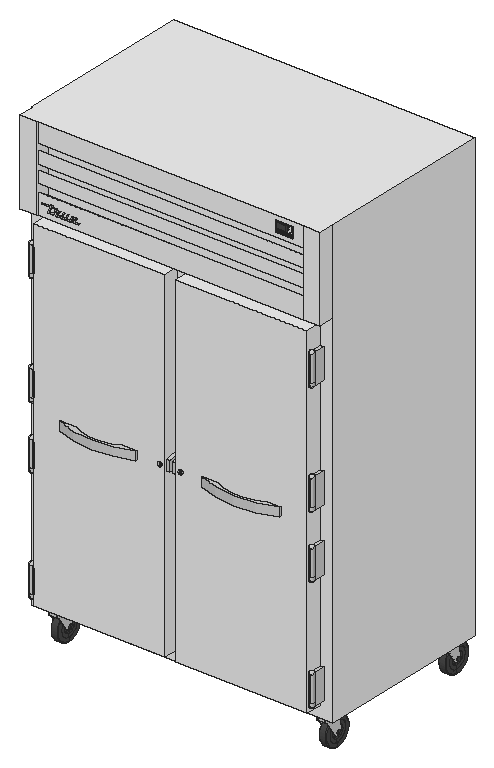
Revit family (continued)
Automatic sketch dimensions
  Extrusion 11 sketch curve to Extrusion 11 sketch curve = 2.4"  (x2)
  plane 8 to Extrusion 11 sketch curve = 12 13/32"
  Extrusion 11 sketch curve to Extrusion 11 sketch curve = 0"
  plane 5 "FRONT" to Extrusion 11 sketch curve = 0.2"
  Extrusion 11 sketch curve to plane 5 "FRONT" = 7.77899"
  Extrusion 11 sketch curve to Extrusion 11 sketch curve = 7.30945"
  plane 8 to Blend 12 sketch curve = 15/16"  (x2)
  plane 8 to Blend 12 sketch curve = 3/16"
  plane 7 to Blend 12 sketch curve = 31.11669"
  Blend 12 sketch curve to Blend 12 sketch curve = 1 3/4"
  plane 8 to Blend 12 sketch curve = 0.00527"
  plane 7 to Blend 12 sketch curve = 30.5191"
  Blend 12 sketch curve to Blend 12 sketch curve = 2.78233"
  Blend 13 sketch curve to plane 8 = 1 3/32"
  Blend 13 sketch curve to plane 8 = 11/32"
  plane 7 to Blend 13 sketch curve = 32.86669"
  Blend 13 sketch curve to Blend 13 sketch curve = 1 3/4"
  plane 8 to Blend 13 sketch curve = 1 3/32"
  plane 8 to Blend 13 sketch curve = 0.16152"
  Blend 13 sketch curve to plane 7 = 30.5191"
  Blend 13 sketch curve to Blend 13 sketch curve = 2.78233"
  Extrusion 14 sketch curve to plane 5 "FRONT" = 1/2"
  Extrusion 14 sketch curve to Extrusion 14 sketch curve = 0.43503"
  Extrusion 14 sketch curve to Extrusion 14 sketch curve = 0.20453"
  Extrusion 14 sketch curve to Extrusion 14 sketch curve = 1.61044"
  Extrusion 14 sketch curve to plane 6 "TOP" = 24.88873"
  Extrusion 14 sketch curve to Extrusion 14 sketch curve = 0.71221"
  Extrusion 14 sketch curve to Extrusion 14 sketch curve = 4.39928"
  Revolve 15 sketch curve to plane 5 "FRONT" = 0.07771"  (x2)
  Revolve 15 sketch curve to Revolve 15 sketch curve = 0.38242"
  Revolve 15 sketch curve to Revolve 15 sketch curve = 0.38436"
  Revolve 15 sketch curve to plane 5 "FRONT" = 31/64"
  Revolve 15 sketch curve to Revolve 15 sketch curve = 0.40666"
  Revolve 15 sketch curve to Revolve 15 sketch curve = 0"
  Revolve 15 sketch curve to plane 6 "TOP" = 25.07719"
  Revolve 15 sketch curve to Revolve 15 sketch curve = 0.32931"
  Revolve 15 sketch curve to Revolve 15 sketch curve = 0.51246"
  Revolve 15 sketch curve to Revolve 15 sketch curve = 0.05342"
  Revolve 15 sketch curve to Revolve 15 sketch curve = 4.42889"
  Revolve 15 sketch curve to Revolve 15 sketch curve = 0.04281"
  Revolve 15 sketch curve to Revolve 15 sketch curve = 0.18929"
  Revolve 15 sketch curve to Revolve 15 sketch curve = 0.55526"
  Extrusion 16 sketch curve to plane 9 = 0.96009"
  Extrusion 16 sketch curve to Extrusion 16 sketch curve = 0.39759"
  Extrusion 16 sketch curve to plane 6 "TOP" = 24.12421"
  Extrusion 16 sketch curve to Extrusion 16 sketch curve = 4.47281"
  Extrusion 17 sketch curve to plane 5 "FRONT" = 1/2"
  Extrusion 17 sketch curve to Extrusion 17 sketch curve = 0.43503"
  Extrusion 17 sketch curve to Extrusion 17 sketch curve = 0.20453"
  Extrusion 17 sketch curve to Extrusion 17 sketch curve = 1.61044"
  plane 7 to Extrusion 17 sketch curve = 33.61127"
  Extrusion 17 sketch curve to Extrusion 17 sketch curve = 0.71221"
  Extrusion 17 sketch curve to Extrusion 17 sketch curve = 4.39928"
  Revolve 18 sketch curve to plane 5 "FRONT" = 0.07771"  (x2)
  Revolve 18 sketch curve to Revolve 18 sketch curve = 0.38242"
  Revolve 18 sketch curve to Revolve 18 sketch curve = 0.38436"
  Revolve 18 sketch curve to plane 5 "FRONT" = 31/64"
  Revolve 18 sketch curve to Revolve 18 sketch curve = 0.40666"
  Revolve 18 sketch curve to Revolve 18 sketch curve = 0"
  plane 7 to Revolve 18 sketch curve = 33.42281"
  Revolve 18 sketch curve to Revolve 18 sketch curve = 0.32931"
  Revolve 18 sketch curve to Revolve 18 sketch curve = 0.51246"
  Revolve 18 sketch curve to Revolve 18 sketch curve = 0.05342"
  Revolve 18 sketch curve to Revolve 18 sketch curve = 4.42889"
  Revolve 18 sketch curve to Revolve 18 sketch curve = 0.04281"
  Revolve 18 sketch curve to Revolve 18 sketch curve = 0.18929"
  Revolve 18 sketch curve to Revolve 18 sketch curve = 0.55526"
  Extrusion 19 sketch curve to plane 9 = 0.96009"
  Extrusion 19 sketch curve to Extrusion 19 sketch curve = 0.39759"
  plane 7 to Extrusion 19 sketch curve = 34.37579"
  Extrusion 19 sketch curve to Extrusion 19 sketch curve = 4.47281"
  Extrusion 20 sketch curve to plane 5 "FRONT" = 1/2"
  Extrusion 20 sketch curve to Extrusion 20 sketch curve = 0.43503"
  Extrusion 20 sketch curve to Extrusion 20 sketch curve = 0.20453"
  Extrusion 20 sketch curve to Extrusion 20 sketch curve = 1.61044"
  plane 7 to Extrusion 20 sketch curve = 22.61127"
  Extrusion 20 sketch curve to Extrusion 20 sketch curve = 0.71221"
  Extrusion 20 sketch curve to Extrusion 20 sketch curve = 4.39928"
  Revolve 21 sketch curve to plane 5 "FRONT" = 0.07771"  (x2)
  Revolve 21 sketch curve to Revolve 21 sketch curve = 0.38242"
  Revolve 21 sketch curve to Revolve 21 sketch curve = 0.38436"
  Revolve 21 sketch curve to plane 5 "FRONT" = 31/64"
  Revolve 21 sketch curve to Revolve 21 sketch curve = 0.40666"
  Revolve 21 sketch curve to Revolve 21 sketch curve = 0"
  plane 7 to Revolve 21 sketch curve = 22.42281"
  Revolve 21 sketch curve to Revolve 21 sketch curve = 0.32931"
  Revolve 21 sketch curve to Revolve 21 sketch curve = 0.51246"
  Revolve 21 sketch curve to Revolve 21 sketch curve = 0.05342"
  Revolve 21 sketch curve to Revolve 21 sketch curve = 4.42889"
  Revolve 21 sketch curve to Revolve 21 sketch curve = 0.04281"
  Revolve 21 sketch curve to Revolve 21 sketch curve = 0.18929"
  Revolve 21 sketch curve to Revolve 21 sketch curve = 0.55526"
  Extrusion 22 sketch curve to plane 9 = 0.96009"
  Extrusion 22 sketch curve to Extrusion 22 sketch curve = 0.39759"
  plane 7 to Extrusion 22 sketch curve = 23.37579"
  Extrusion 22 sketch curve to Extrusion 22 sketch curve = 4.47281"
  Extrusion 23 sketch curve to plane 5 "FRONT" = 1/2"
  Extrusion 23 sketch curve to Extrusion 23 sketch curve = 0.43503"
  Extrusion 23 sketch curve to Extrusion 23 sketch curve = 0.20453"
  Extrusion 23 sketch curve to Extrusion 23 sketch curve = 1.61044"
  plane 7 to Extrusion 23 sketch curve = 2.86127"
  Extrusion 23 sketch curve to Extrusion 23 sketch curve = 0.71221"
  Extrusion 23 sketch curve to Extrusion 23 sketch curve = 4.39928"
  Revolve 24 sketch curve to plane 5 "FRONT" = 0.07771"  (x2)
  Revolve 24 sketch curve to Revolve 24 sketch curve = 0.38242"
  Revolve 24 sketch curve to Revolve 24 sketch curve = 0.38436"
  Revolve 24 sketch curve to plane 5 "FRONT" = 31/64"
  Revolve 24 sketch curve to Revolve 24 sketch curve = 0.40666"
  Revolve 24 sketch curve to Revolve 24 sketch curve = 0"
  plane 7 to Revolve 24 sketch curve = 2.67281"
  Revolve 24 sketch curve to Revolve 24 sketch curve = 0.32931"
  Revolve 24 sketch curve to Revolve 24 sketch curve = 0.51246"
  Revolve 24 sketch curve to Revolve 24 sketch curve = 0.05342"
  Revolve 24 sketch curve to Revolve 24 sketch curve = 4.42889"
  Revolve 24 sketch curve to Revolve 24 sketch curve = 0.04281"
  Revolve 24 sketch curve to Revolve 24 sketch curve = 0.18929"
  Revolve 24 sketch curve to Revolve 24 sketch curve = 0.55526"
  Extrusion 25 sketch curve to plane 9 = 0.96009"
  Extrusion 25 sketch curve to Extrusion 25 sketch curve = 0.39759"
  plane 7 to Extrusion 25 sketch curve = 3.62579"
  Extrusion 25 sketch curve to Extrusion 25 sketch curve = 4.47281"
  Extrusion 26 sketch curve to plane 5 "FRONT" = 1/2"
  Extrusion 26 sketch curve to Extrusion 26 sketch curve = 0.43503"
  Extrusion 26 sketch curve to Extrusion 26 sketch curve = 0.20453"
  Extrusion 26 sketch curve to Extrusion 26 sketch curve = 1.61044"
  Extrusion 26 sketch curve to plane 6 "TOP" = 19.57271"
  Extrusion 26 sketch curve to Extrusion 26 sketch curve = 4.39928"
  Extrusion 26 sketch curve to Extrusion 26 sketch curve = 0.71221"
  Revolve 27 sketch curve to plane 5 "FRONT" = 0.07771"  (x2)
  Revolve 27 sketch curve to Revolve 27 sketch curve = 0.38242"
  Revolve 27 sketch curve to Revolve 27 sketch curve = 0.38436"
  Revolve 27 sketch curve to plane 5 "FRONT" = 31/64"
  Revolve 27 sketch curve to Revolve 27 sketch curve = 0.40666"
  Revolve 27 sketch curve to Revolve 27 sketch curve = 0"
  Revolve 27 sketch curve to plane 6 "TOP" = 18.75492"
  Revolve 27 sketch curve to Revolve 27 sketch curve = 0.55526"
  Revolve 27 sketch curve to Revolve 27 sketch curve = 0.19474"
  Revolve 27 sketch curve to Revolve 27 sketch curve = 0.14649"
  Revolve 27 sketch curve to Revolve 27 sketch curve = 4.42889"
  Revolve 27 sketch curve to Revolve 27 sketch curve = 0.05342"
  Revolve 27 sketch curve to Revolve 27 sketch curve = 0.51246"
  Revolve 27 sketch curve to Revolve 27 sketch curve = 0.05889"
  plane 10 to Extrusion 28 sketch curve = 0.80384"
  Extrusion 28 sketch curve to Extrusion 28 sketch curve = 0.39759"
  Extrusion 28 sketch curve to plane 6 "TOP" = 19.6514"
  Extrusion 28 sketch curve to Extrusion 28 sketch curve = 4.47281"
  Extrusion 29 sketch curve to plane 5 "FRONT" = 1/2"
  Extrusion 29 sketch curve to Extrusion 29 sketch curve = 0.43503"
  Extrusion 29 sketch curve to Extrusion 29 sketch curve = 0.20453"
  Extrusion 29 sketch curve to Extrusion 29 sketch curve = 1.61044"
  plane 7 to Extrusion 29 sketch curve = 38.92729"
  Extrusion 29 sketch curve to Extrusion 29 sketch curve = 4.39928"
  Extrusion 29 sketch curve to Extrusion 29 sketch curve = 0.71221"
  Revolve 30 sketch curve to plane 5 "FRONT" = 0.07771"  (x2)
  Revolve 30 sketch curve to Revolve 30 sketch curve = 0.38242"
  Revolve 30 sketch curve to Revolve 30 sketch curve = 0.38436"
  Revolve 30 sketch curve to plane 5 "FRONT" = 31/64"
  Revolve 30 sketch curve to Revolve 30 sketch curve = 0.40666"
  Revolve 30 sketch curve to Revolve 30 sketch curve = 0"
  Revolve 30 sketch curve to plane 6 "TOP" = 38.25492"
  Revolve 30 sketch curve to Revolve 30 sketch curve = 0.55526"
  Revolve 30 sketch curve to Revolve 30 sketch curve = 0.19474"
  Revolve 30 sketch curve to Revolve 30 sketch curve = 0.14649"
  Revolve 30 sketch curve to Revolve 30 sketch curve = 4.42889"
  Revolve 30 sketch curve to Revolve 30 sketch curve = 0.05342"
  Revolve 30 sketch curve to Revolve 30 sketch curve = 0.51246"
  Revolve 30 sketch curve to Revolve 30 sketch curve = 0.05889"
  plane 10 to Extrusion 31 sketch curve = 0.80384"
  Extrusion 31 sketch curve to Extrusion 31 sketch curve = 0.39759"
  plane 7 to Extrusion 31 sketch curve = 38.8486"
  Extrusion 31 sketch curve to Extrusion 31 sketch curve = 4.47281"
  Extrusion 32 sketch curve to plane 5 "FRONT" = 1/2"
  Extrusion 32 sketch curve to Extrusion 32 sketch curve = 0.43503"
  Extrusion 32 sketch curve to Extrusion 32 sketch curve = 0.20453"
  Extrusion 32 sketch curve to Extrusion 32 sketch curve = 1.61044"
  plane 7 to Extrusion 32 sketch curve = 27.92729"
  Extrusion 32 sketch curve to Extrusion 32 sketch curve = 4.39928"
  Extrusion 32 sketch curve to Extrusion 32 sketch curve = 0.71221"
  Revolve 33 sketch curve to plane 5 "FRONT" = 0.07771"  (x2)
  Revolve 33 sketch curve to Revolve 33 sketch curve = 0.38242"
  Revolve 33 sketch curve to Revolve 33 sketch curve = 0.38436"
  Revolve 33 sketch curve to plane 5 "FRONT" = 31/64"
  Revolve 33 sketch curve to Revolve 33 sketch curve = 0.40666"
  Revolve 33 sketch curve to Revolve 33 sketch curve = 0"
  plane 7 to Revolve 33 sketch curve = 28.74508"
  Revolve 33 sketch curve to Revolve 33 sketch curve = 0.55526"
  Revolve 33 sketch curve to Revolve 33 sketch curve = 0.19474"
  Revolve 33 sketch curve to Revolve 33 sketch curve = 0.14649"
  Revolve 33 sketch curve to Revolve 33 sketch curve = 4.42889"
  Revolve 33 sketch curve to Revolve 33 sketch curve = 0.05342"
  Revolve 33 sketch curve to Revolve 33 sketch curve = 0.51246"
  Revolve 33 sketch curve to Revolve 33 sketch curve = 0.05889"
  plane 10 to Extrusion 34 sketch curve = 0.80384"
  Extrusion 34 sketch curve to Extrusion 34 sketch curve = 0.39759"
  plane 7 to Extrusion 34 sketch curve = 27.8486"
  Extrusion 34 sketch curve to Extrusion 34 sketch curve = 4.47281"
  Extrusion 35 sketch curve to plane 5 "FRONT" = 1/2"
  Extrusion 35 sketch curve to Extrusion 35 sketch curve = 0.43503"
  Extrusion 35 sketch curve to Extrusion 35 sketch curve = 0.20453"
  Extrusion 35 sketch curve to Extrusion 35 sketch curve = 1.61044"
  plane 7 to Extrusion 35 sketch curve = 8.17729"
  plane 7 to Extrusion 35 sketch curve = 3.57348"
  Extrusion 35 sketch curve to Extrusion 35 sketch curve = 0.71221"
  Revolve 36 sketch curve to plane 5 "FRONT" = 0.07771"  (x2)
  Revolve 36 sketch curve to Revolve 36 sketch curve = 0.38242"
  Revolve 36 sketch curve to Revolve 36 sketch curve = 0.38436"
  Revolve 36 sketch curve to plane 5 "FRONT" = 31/64"
  Revolve 36 sketch curve to Revolve 36 sketch curve = 0.40666"
  Revolve 36 sketch curve to Revolve 36 sketch curve = 0"
  plane 7 to Revolve 36 sketch curve = 8.99508"
  Revolve 36 sketch curve to Revolve 36 sketch curve = 0.55526"
  Revolve 36 sketch curve to Revolve 36 sketch curve = 0.19474"
  Revolve 36 sketch curve to Revolve 36 sketch curve = 0.14649"
  plane 7 to Revolve 36 sketch curve = 3.62689"
  Revolve 36 sketch curve to Revolve 36 sketch curve = 0.05342"
  Revolve 36 sketch curve to Revolve 36 sketch curve = 0.51246"
  Revolve 36 sketch curve to Revolve 36 sketch curve = 0.05889"
  plane 10 to Extrusion 37 sketch curve = 0.80384"
  Extrusion 37 sketch curve to Extrusion 37 sketch curve = 0.39759"
  plane 7 to Extrusion 37 sketch curve = 8.0986"
  plane 7 to Extrusion 37 sketch curve = 3.62579"
  Revolve 38 sketch curve to plane 10 = 1.50773"
  Revolve 38 sketch curve to Revolve 38 sketch curve = 0.48273"
  Revolve 38 sketch curve to plane 10 = 5/8"  (x2)
  Revolve 38 sketch curve to Revolve 38 sketch curve = 0.1"  (x2)
  Revolve 38 sketch curve to Revolve 38 sketch curve = 0.16101"
  plane 10 to Revolve 38 sketch curve = 0.12908"
  plane 10 to Revolve 38 sketch curve = 0.46399"
  plane 10 to Revolve 38 sketch curve = 0.525"
  Revolve 38 sketch curve to Revolve 38 sketch curve = 1/2"
  Revolve 38 sketch curve to Revolve 38 sketch curve = 0.16509"
  Revolve 38 sketch curve to Revolve 38 sketch curve = 0.39592"
  level to Revolve 38 sketch curve = 2 1/2"
  Revolve 38 sketch curve to Revolve 38 sketch curve = 0"
  Revolve 38 sketch curve to Revolve 38 sketch curve = 0.29941"  (x2)
  Revolve 38 sketch curve to Revolve 38 sketch curve = 3/4"  (x4)
  Revolve 38 sketch curve to Revolve 38 sketch curve = 0.59652"
  Revolve 38 sketch curve to Revolve 38 sketch curve = 0.60059"
  Extrusion 39 sketch curve to plane 7 = 0.63926"  (x2)
  Extrusion 39 sketch curve to plane 5 "FRONT" = 3.79864"
  Extrusion 39 sketch curve to Extrusion 39 sketch curve = 1/4"  (x2)
  level to Extrusion 39 sketch curve = 2.18736"  (x2)
  Extrusion 39 sketch curve to Extrusion 39 sketch curve = 1.7492"
  Extrusion 39 sketch curve to Extrusion 39 sketch curve = 0.50669"  (x2)
  Extrusion 39 sketch curve to Extrusion 39 sketch curve = 2 1/2"
  level to Extrusion 39 sketch curve = 2.59003"
  Extrusion 39 sketch curve to Extrusion 39 sketch curve = 0.59966"  (x2)
  plane 1 "BACK" to Extrusion 39 sketch curve = 3.8577"
  plane 1 "BACK" to Extrusion 39 sketch curve = 1.8585"
  plane 1 "BACK" to Extrusion 39 sketch curve = 1.1077"
  Extrusion 39 sketch curve to Extrusion 39 sketch curve = 0.32905"
  Extrusion 39 sketch curve to Extrusion 39 sketch curve = 0.60485"  (x2)
  Extrusion 40 sketch curve to plane 7 = 0.63926"  (x2)
  Extrusion 40 sketch curve to plane 5 "FRONT" = 3.79864"
  Extrusion 40 sketch curve to Extrusion 40 sketch curve = 1/4"  (x2)
  level to Extrusion 40 sketch curve = 2.18736"  (x2)
  Extrusion 40 sketch curve to Extrusion 40 sketch curve = 1.7492"
  Extrusion 40 sketch curve to Extrusion 40 sketch curve = 0.50669"  (x2)
  Extrusion 40 sketch curve to Extrusion 40 sketch curve = 2 1/2"
  level to Extrusion 40 sketch curve = 2.59003"
  Extrusion 40 sketch curve to Extrusion 40 sketch curve = 0.59966"  (x2)
  plane 1 "BACK" to Extrusion 40 sketch curve = 3.8577"
  plane 1 "BACK" to Extrusion 40 sketch curve = 1.8585"
  plane 1 "BACK" to Extrusion 40 sketch curve = 1.1077"
  Extrusion 40 sketch curve to Extrusion 40 sketch curve = 0.32905"
  Extrusion 40 sketch curve to Extrusion 40 sketch curve = 0.60485"  (x2)
  Revolve 41 sketch curve to plane 10 = 0"  (x2)
  Revolve 41 sketch curve to plane 7 = 0.62954"
  Revolve 41 sketch curve to plane 10 = 1.29707"
  Revolve 41 sketch curve to Revolve 41 sketch curve = 0.10278"
  Revolve 41 sketch curve to plane 7 = 0.00141"
  plane 7 to Revolve 41 sketch curve = 0.26768"
  Revolve 42 sketch curve to level = 0"
  Revolve 42 sketch curve to plane 10 = 0"  (x2)
  Revolve 42 sketch curve to plane 10 = 1/2"
  Revolve 42 sketch curve to Revolve 42 sketch curve = 1/4"
  Revolve 42 sketch curve to plane 7 = 0"
  Revolve 42 sketch curve to Revolve 42 sketch curve = 1.33338"
  level to Revolve 42 sketch curve = 1"
  Revolve 42 sketch curve to Revolve 42 sketch curve = 5/8"
  plane 7 to Revolve 42 sketch curve = 1 25/32"
  Revolve 43 sketch curve to level = 0"
  Revolve 43 sketch curve to plane 10 = 0"  (x2)
  Revolve 43 sketch curve to plane 10 = 1/2"
  Revolve 43 sketch curve to Revolve 43 sketch curve = 1/4"
  Revolve 43 sketch curve to plane 7 = 0"
  Revolve 43 sketch curve to Revolve 43 sketch curve = 1.33338"
  level to Revolve 43 sketch curve = 1"
  Revolve 43 sketch curve to Revolve 43 sketch curve = 5/8"
  plane 7 to Revolve 43 sketch curve = 1 25/32"
  Revolve 44 sketch curve to plane 10 = 0"  (x2)
  Revolve 44 sketch curve to plane 7 = 0.62954"
  Revolve 44 sketch curve to plane 10 = 1.29707"
  Revolve 44 sketch curve to Revolve 44 sketch curve = 0.10278"
  Revolve 44 sketch curve to plane 7 = 0.00141"
  plane 7 to Revolve 44 sketch curve = 0.26768"
  Extrusion 45 sketch curve to plane 7 = 0.63926"  (x2)
  Extrusion 45 sketch curve to plane 5 "FRONT" = 3.79864"
  Extrusion 45 sketch curve to Extrusion 45 sketch curve = 1/4"  (x2)
  Extrusion 45 sketch curve to Extrusion 45 sketch curve = 2 1/2"
  Extrusion 45 sketch curve to plane 7 = 0.93273"  (x2)
  Extrusion 45 sketch curve to Extrusion 45 sketch curve = 0.03603"
  plane 1 "BACK" to Extrusion 45 sketch curve = 3.8577"
  Extrusion 45 sketch curve to plane 7 = 1.24411"
  plane 1 "BACK" to Extrusion 45 sketch curve = 1.1077"
  Revolve 46 sketch curve to plane 10 = 1.50773"
  Revolve 46 sketch curve to Revolve 46 sketch curve = 0.48273"
  Revolve 46 sketch curve to plane 10 = 5/8"  (x2)
  Revolve 46 sketch curve to Revolve 46 sketch curve = 0.1"  (x2)
  Revolve 46 sketch curve to Revolve 46 sketch curve = 0.16101"
  plane 10 to Revolve 46 sketch curve = 0.12908"
  plane 10 to Revolve 46 sketch curve = 0.46399"
  plane 10 to Revolve 46 sketch curve = 0.525"
  Revolve 46 sketch curve to Revolve 46 sketch curve = 1/2"
  Revolve 46 sketch curve to Revolve 46 sketch curve = 0.16509"
  Revolve 46 sketch curve to Revolve 46 sketch curve = 0.39592"
  level to Revolve 46 sketch curve = 2 1/2"
  Revolve 46 sketch curve to Revolve 46 sketch curve = 0"
  Revolve 46 sketch curve to Revolve 46 sketch curve = 0.29941"  (x2)
  Revolve 46 sketch curve to Revolve 46 sketch curve = 3/4"  (x4)
  Revolve 46 sketch curve to Revolve 46 sketch curve = 0.59652"
  Revolve 46 sketch curve to Revolve 46 sketch curve = 0.60059"
  plane 3 "LEFT" to Revolve 47 sketch curve = 1.33602"
  Revolve 47 sketch curve to Revolve 47 sketch curve = 0.48273"
  Revolve 47 sketch curve to plane 9 = 5/8"  (x2)
  Revolve 47 sketch curve to Revolve 47 sketch curve = 0.1"  (x2)
  Revolve 47 sketch curve to Revolve 47 sketch curve = 0.16101"
  plane 9 to Revolve 47 sketch curve = 0.12908"
  plane 9 to Revolve 47 sketch curve = 0.46399"
  plane 9 to Revolve 47 sketch curve = 0.525"
  Revolve 47 sketch curve to Revolve 47 sketch curve = 1/2"
  Revolve 47 sketch curve to Revolve 47 sketch curve = 0.16509"
  Revolve 47 sketch curve to Revolve 47 sketch curve = 0.39592"
  level to Revolve 47 sketch curve = 2 1/2"
  Revolve 47 sketch curve to Revolve 47 sketch curve = 0"
  Revolve 47 sketch curve to Revolve 47 sketch curve = 0.29941"  (x2)
  Revolve 47 sketch curve to Revolve 47 sketch curve = 3/4"  (x4)
  Revolve 47 sketch curve to Revolve 47 sketch curve = 0.59652"
  Revolve 47 sketch curve to Revolve 47 sketch curve = 0.60059"
  Extrusion 48 sketch curve to plane 7 = 0.63926"  (x2)
  Extrusion 48 sketch curve to plane 5 "FRONT" = 3.79864"
  Extrusion 48 sketch curve to Extrusion 48 sketch curve = 1/4"  (x2)
  level to Extrusion 48 sketch curve = 2.18736"  (x2)
  Extrusion 48 sketch curve to Extrusion 48 sketch curve = 1.7492"
  Extrusion 48 sketch curve to Extrusion 48 sketch curve = 0.50669"  (x2)
  Extrusion 48 sketch curve to Extrusion 48 sketch curve = 2 1/2"
  level to Extrusion 48 sketch curve = 2.59003"
  Extrusion 48 sketch curve to Extrusion 48 sketch curve = 0.59966"  (x2)
  plane 1 "BACK" to Extrusion 48 sketch curve = 3.8577"
  plane 1 "BACK" to Extrusion 48 sketch curve = 1.8585"
  plane 1 "BACK" to Extrusion 48 sketch curve = 1.1077"
  Extrusion 48 sketch curve to Extrusion 48 sketch curve = 0.32905"
  Extrusion 48 sketch curve to Extrusion 48 sketch curve = 0.60485"  (x2)
  Extrusion 49 sketch curve to plane 7 = 0.63926"  (x2)
  Extrusion 49 sketch curve to plane 5 "FRONT" = 3.79864"
  Extrusion 49 sketch curve to Extrusion 49 sketch curve = 1/4"  (x2)
  level to Extrusion 49 sketch curve = 2.18736"  (x2)
  Extrusion 49 sketch curve to Extrusion 49 sketch curve = 1.7492"
  Extrusion 49 sketch curve to Extrusion 49 sketch curve = 0.50669"  (x2)
  Extrusion 49 sketch curve to Extrusion 49 sketch curve = 2 1/2"
  level to Extrusion 49 sketch curve = 2.59003"
  Extrusion 49 sketch curve to Extrusion 49 sketch curve = 0.59966"  (x2)
  plane 1 "BACK" to Extrusion 49 sketch curve = 3.8577"
  plane 1 "BACK" to Extrusion 49 sketch curve = 1.8585"
  plane 1 "BACK" to Extrusion 49 sketch curve = 1.1077"
  Extrusion 49 sketch curve to Extrusion 49 sketch curve = 0.32905"
  Extrusion 49 sketch curve to Extrusion 49 sketch curve = 0.60485"  (x2)
  Revolve 50 sketch curve to plane 9 = 0"  (x2)
  Revolve 50 sketch curve to plane 7 = 0.62954"
  Revolve 50 sketch curve to plane 9 = 1.29707"
  Revolve 50 sketch curve to Revolve 50 sketch curve = 0.10278"
  Revolve 50 sketch curve to plane 7 = 0.00141"
  plane 7 to Revolve 50 sketch curve = 0.26768"
  Revolve 51 sketch curve to level = 0"
  Revolve 51 sketch curve to plane 9 = 0"  (x2)
  Revolve 51 sketch curve to plane 9 = 1/2"
  Revolve 51 sketch curve to Revolve 51 sketch curve = 1/4"
  Revolve 51 sketch curve to plane 7 = 0"
  Revolve 51 sketch curve to plane 9 = 1.33338"
  level to Revolve 51 sketch curve = 1"
  Revolve 51 sketch curve to Revolve 51 sketch curve = 5/8"
  plane 7 to Revolve 51 sketch curve = 1 25/32"
  Revolve 52 sketch curve to level = 0"
  Revolve 52 sketch curve to plane 9 = 0"  (x2)
  Revolve 52 sketch curve to plane 9 = 1/2"
  Revolve 52 sketch curve to Revolve 52 sketch curve = 1/4"
  Revolve 52 sketch curve to plane 7 = 0"
  Revolve 52 sketch curve to plane 9 = 1.33338"
  level to Revolve 52 sketch curve = 1"
  Revolve 52 sketch curve to Revolve 52 sketch curve = 5/8"
  plane 7 to Revolve 52 sketch curve = 1 25/32"
  Revolve 53 sketch curve to plane 9 = 0"  (x2)
  Revolve 53 sketch curve to plane 7 = 0.62954"
  Revolve 53 sketch curve to plane 9 = 1.29707"
  Revolve 53 sketch curve to Revolve 53 sketch curve = 0.10278"
  Revolve 53 sketch curve to plane 7 = 0.00141"
  plane 7 to Revolve 53 sketch curve = 0.26768"
  Extrusion 54 sketch curve to plane 7 = 0.63926"  (x2)
  Extrusion 54 sketch curve to plane 5 "FRONT" = 3.79864"
  Extrusion 54 sketch curve to Extrusion 54 sketch curve = 1/4"  (x2)
  Extrusion 54 sketch curve to Extrusion 54 sketch curve = 2 1/2"
  Extrusion 54 sketch curve to plane 7 = 0.93273"  (x2)
  Extrusion 54 sketch curve to Extrusion 54 sketch curve = 0.03603"
  plane 1 "BACK" to Extrusion 54 sketch curve = 3.8577"
  Extrusion 54 sketch curve to plane 7 = 1.24411"
  plane 1 "BACK" to Extrusion 54 sketch curve = 1.1077"
  plane 3 "LEFT" to Revolve 55 sketch curve = 1.33602"
  Revolve 55 sketch curve to Revolve 55 sketch curve = 0.48273"
  Revolve 55 sketch curve to plane 9 = 5/8"  (x2)
  Revolve 55 sketch curve to Revolve 55 sketch curve = 0.1"  (x2)
  Revolve 55 sketch curve to Revolve 55 sketch curve = 0.16101"
  plane 9 to Revolve 55 sketch curve = 0.12908"
  plane 9 to Revolve 55 sketch curve = 0.46399"
  plane 9 to Revolve 55 sketch curve = 0.525"
  Revolve 55 sketch curve to Revolve 55 sketch curve = 1/2"
  Revolve 55 sketch curve to Revolve 55 sketch curve = 0.16509"
  Revolve 55 sketch curve to Revolve 55 sketch curve = 0.39592"
  level to Revolve 55 sketch curve = 2 1/2"
  Revolve 55 sketch curve to Revolve 55 sketch curve = 0"
  Revolve 55 sketch curve to Revolve 55 sketch curve = 0.29941"  (x2)
  Revolve 55 sketch curve to Revolve 55 sketch curve = 3/4"  (x4)
  Revolve 55 sketch curve to Revolve 55 sketch curve = 0.59652"
  Revolve 55 sketch curve to Revolve 55 sketch curve = 0.60059"
  Extrusion 56 sketch curve to plane 6 "TOP" = 2.55982"
  Extrusion 56 sketch curve to plane 10 = 5.12093"
  Extrusion 56 sketch curve to plane 10 = 2.21468"
  Extrusion 56 sketch curve to plane 6 "TOP" = 13/16"
  Extrusion 57 sketch curve to plane 6 "TOP" = 3/4"
  Extrusion 57 sketch curve to plane 10 = 5.18343"
  Extrusion 57 sketch curve to Extrusion 57 sketch curve = 1/16"  (x4)
  Extrusion 57 sketch curve to Extrusion 57 sketch curve = 0.1375"  (x2)
  Extrusion 57 sketch curve to Extrusion 57 sketch curve = 1/4"  (x4)
  Extrusion 57 sketch curve to Extrusion 57 sketch curve = 0.44601"
  Extrusion 57 sketch curve to Extrusion 57 sketch curve = 1/2"  (x2)
  Extrusion 57 sketch curve to Extrusion 57 sketch curve = 0.0035"
  Extrusion 57 sketch curve to Extrusion 57 sketch curve = 1.06923"
  Extrusion 57 sketch curve to plane 6 "TOP" = 0.95"
  Extrusion 57 sketch curve to Extrusion 57 sketch curve = 1"
  Extrusion 57 sketch curve to Extrusion 57 sketch curve = 0.34106"  (x3)
  Extrusion 57 sketch curve to Extrusion 57 sketch curve = 0"
  Extrusion 57 sketch curve to Extrusion 57 sketch curve = 0.26876"
  Extrusion 59 sketch curve to plane 9 = 0"
  Extrusion 59 sketch curve to plane 5 "FRONT" = 5.09023"
  Extrusion 60 sketch curve to plane 9 = 0"
  plane 1 "BACK" to Extrusion 60 sketch curve = 2.69102"
  Extrusion 61 sketch curve to plane 10 = 0"
  plane 1 "BACK" to Extrusion 61 sketch curve = 2.69102"
  Extrusion 62 sketch curve to plane 10 = 0"
  Extrusion 62 sketch curve to plane 5 "FRONT" = 5.09023"
  plane 5 "FRONT" to Extrusion 58 sketch curve = 0"  (x2)
  plane 10 to Extrusion 58 sketch curve = 13/32"
  Extrusion 58 sketch curve to plane 12 = 15/16"
  plane 8 to Extrusion 58 sketch curve = 15/16"
  Extrusion 58 sketch curve to plane 9 = 9/16"
  radius of Extrusion 8 sketch curve = 0.35"  (x2)
  radius of Extrusion 10 sketch curve = 1/4"
  radius of Extrusion 59 sketch curve = 1 1/2"
  radius of Extrusion 60 sketch curve = 1 1/2"
  radius of Extrusion 61 sketch curve = 1 1/2"
  radius of Extrusion 62 sketch curve = 1 1/2"
Connectors (in)
  electrical at (49.53125, -0.0625, 82), driven by "Volts", driven by "Watts"
    settings: on Extrusion 10, index 1, voltage 208 V, apparent load 3000 VA, apparent load phase1 0 VA, apparent load phase2 0 VA, apparent load phase3 0 VA, power factor 1, load classification "Other", number of poles 1, system type 30, power factor state 1, is connector primary yes, connector utility no, sub classification motor no, connector description "Electrical Connection"
